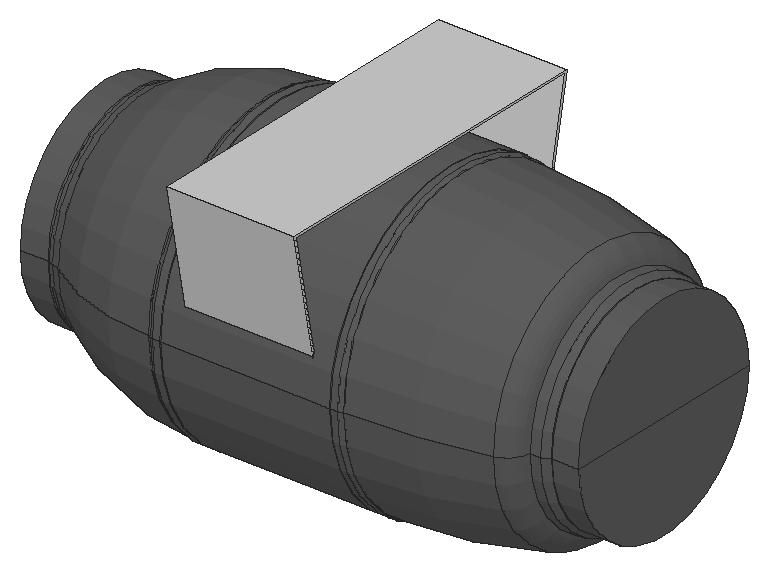
Revit family "90002105 - Aventa Silent AVS 250 - BIM file", category Mechanical Equipment, Revit 2023
Family settings
  Round Connector Dimension = Use Diameter
  Classification = None
  Part Type = Breaks Into
  OmniClass Number = 23.75.35.17.11
  OmniClass Title = Fans for Air Ductwork
  Work Plane-Based = No
  Always vertical = No
  Cut with Voids When Loaded = No
  Maintain Annotation Orientation = No
  Shared = No
  Room Calculation Point = No
Parameters (values of type "Aventa Silent AV250 Basic")
  Weight = 15.00 kg
  Voltage = 230 V
  URL = "https://www.airflow.com/"
  Type Comments = "Inline fan single speed up to 1110m3/h"
  Transported Air Temperature (°C) = "-25...+60"
  RPM (min-1) = 2440
  R1 = D1 / 2  # 179 mm
  Protection rating = "IPX4"
  Power Factor = 1
  Number of Poles = 1
  Noise Level at 3 m (dBa) = 34
  Mounting Hanger [instance] = yes
  Material finish = "Polymer Coated Steel"
  Maintenance Zone Length Calc = if(Maintenance Zone Length < L, L, Maintenance Zone Length)  # 658 mm
  L27 = 9 mm
  L26 = 6 mm
  L25 = L21 - L22 - L23 - L24 - L26 - L27  # 159 mm
  L24 = 23 mm
  L21 = 218 mm
  L17 = 9 mm
  L16 = 6 mm
  L15 = L11 - L12 - L13 - L14 - L16 - L17  # 144 mm
  L14 = 10 mm
  L11 = 176 mm
  HangerW = 150 mm
  HangerL1 = 332 mm
  HangerL = 402 mm
  HangerH = HangerBaseH  # 182 mm
  HangerExtraL = no
  HangerBaseH = 182 mm
  Model = "Aventa Silent AVS250 Basic"
  Manufacturer = "Airflow"
  Maintenance Zone Width = 600 mm
  Maintenance Zone Material = Maintenance Zone
  Maintenance Zone Length = 600 mm
  Maintenance Zone Height = 600 mm
  Maintenance Zone [instance] = no
  Load Classification = HVAC
  L23 = 13 mm
  L22 = 8 mm
  L2 = 32 mm
  L13 = 4 mm
  L12 = 3 mm
  L1 = 32 mm
  L = 658 mm
  Hanger Material = Metal Zinc
  Flow direction symbol [instance] = yes
  Flow Factor [instance] = 1  # constant formula
  Family Version = "1.0"  # constant formula
  ElBoxW = 104 mm
  ElBoxR = 15 mm  # constant formula
  ElBoxL = 104 mm
  ElBoxH = 53 mm
  Distribution Box Material = Distribution Box Dark Grey
  Dimensions = "(H) 360 x (W) 658 x (D) 445mm"
  Description = "Inline mixed-flow fan suitable for domestic and light commercial facilities"
  Default Elevation = 0 mm
  Dd26 = 52 mm
  Dd24 = 30 mm
  Dd22 = 5 mm
  Dd23 = 6 mm
  Dd16 = 52 mm
  Dd14 = 6 mm
  Dd13 = 2 mm
  Dd12 = 1 mm
  D1 = 358 mm
  D = 250 mm
  Copyright = "©Airflow"
  Duct Connection Size = 250 mm
  Fan Material = Metal Black
  Maximum Air Flow = 1110 m³/h
  Airflow part no = "90002105"
  Air Flow [instance] = 0 m³/h
  Power = 125 W
  Current = 0.54 A
  Apparent Power = Power / Power Factor  # 125 VA
Types (2, lengths in mm): name | Type Comments | Noise Level at 3 m (dBa) | Model | Maximum Air Flow | Airflow part no | Power | Current | Apparent Power
  Aventa Silent AVS250 Timer | "Inline fan single speed up to 1400m3/h" | 38 | "Aventa Silent AVS250 Timer" | 1400 m³/h | "90002122" | 177 W | 0.79 A | 177 VA
  Aventa Silent AV250 Basic | "Inline fan single speed up to 1110m3/h" | 34 | "Aventa Silent AVS250 Basic" | 1110 m³/h | "90002105" | 125 W | 0.54 A | 125 VA
Reference planes
  plane 1 "Center (Front/Back)": y = 0
  plane 2: z = 0
  plane 3 "Center (Left/Right)": x = 0
  plane 4: y = 125
  plane 5: y = -125
  plane 6: y = 179
  plane 7: y = -179
  plane 8: x = 658
  plane 9 "C": x = 408
  plane 10: x = 208
  plane 11 "CenterL": x = 329
  plane 12: x = 32
  plane 13: x = 199
  plane 14: y = 126
  plane 15 "CenterOfCentralPart": x = 308
  plane 16 "ElBoxHeight": z = -53
  plane 17 "HangerHeight": z = 182
  plane 18: y = 127
  plane 19: y = 131
  plane 20: x = 49
  plane 21: x = 39
  plane 22: x = 35
  plane 23: x = 193
  plane 24: y = 177
  plane 25: x = 194
  plane 26: x = 417
  plane 27: y = 130
  plane 28: y = 131
  plane 29: y = 155
  plane 30: x = 582
  plane 31: x = 605
  plane 32: x = 618
  plane 33: x = 423
  plane 34: y = 177
  plane 35: x = 422
  plane 36: x = 626
Forms (mm)
  Revolve 1, solid, material "Metal Black" <- "Fan Material", detail levels medium+fine
    sketch origin (368, 0, 0) x (1, 0, 0) y (0, 1, 0)
      loop
        line (-336, 0) -> (-160, 0) -> (-160, 179) -> (-169, 179) -> (-174, 177) -> (-175, 177)
        arc (-175, 177) -> (-250.584, 165.221) -> (-319, 131) r 248.391
        arc (-319, 131) -> (-324.007, 129.018) -> (-329, 127) r 761.878
        line (-329, 127) -> (-333, 126) -> (-336, 125) -> (-336, 0)
      axis (-160, 0) -> (-336, 0)
    angle from 0 to 360
  Revolve 2, solid, material "Metal Black" <- "Fan Material", detail levels medium+fine
    sketch origin (368, 0, 0) x (1, 0, 0) y (0, 1, 0)
      loop
        line (258, 125) -> (258, 0) -> (290, 0) -> (290, 125) -> (258, 125)
      axis (290, 0) -> (258, 0)
    angle from 0 to 360
  Revolve 3, solid, material "Metal Black" <- "Fan Material", detail levels medium+fine
    sketch origin (368, 0, 0) x (1, 0, 0) y (0, 1, 0)
      loop
        line (-368, 125) -> (-368, 0) -> (-336, 0) -> (-336, 125) -> (-368, 125)
      axis (-336, 0) -> (-368, 0)
    angle from 0 to 360
  Revolve 4, solid, material "Metal Black" <- "Fan Material", detail levels medium+fine
    sketch origin (0, 0, 0) x (1, 0, 0) y (0, 1, 0)
      loop
        line (208, 179) -> (208, 0) -> (408, 0) -> (408, 179) -> (208, 179)
      axis (208, 0) -> (408, 0)
    angle from 0 to 360
  Revolve 5, solid, material "Metal Black" <- "Fan Material", detail levels medium+fine
    sketch origin (117, 0, 0) x (-1, 0, 0) y (0, 1, 0)
      loop
        line (-509, 0) -> (-291, 0) -> (-291, 179) -> (-300, 179) -> (-305, 177) -> (-306, 177)
        arc (-306, 177) -> (-386.257, 171.474) -> (-465, 155) r 585.568
        arc (-465, 155) -> (-479.767, 146.131) -> (-488, 131) r 32.783
        line (-488, 131) -> (-501, 130) -> (-509, 125) -> (-509, 0)
      axis (-291, 0) -> (-509, 0)
    angle from 0 to 360
Cuts and joins
  joined: Revolve 1, Revolve 3
Dimensions and locks
  equal spacing: plane 4, plane 1 "Center (Front/Back)", plane 5
  "D": plane 4 to plane 5
  equal spacing: plane 7, plane 1 "Center (Front/Back)", plane 6
  "D1": plane 6 to plane 7
  "L": plane 3 "Center (Left/Right)" to plane 8
  equal spacing: plane 3 "Center (Left/Right)", plane 11 "CenterL", plane 8
  "L1": plane 3 "Center (Left/Right)" to plane 12
  "Dd12": plane 14 to plane 4
  equal spacing: plane 10, plane 15 "CenterOfCentralPart", plane 9 "C"
  "ElBoxH": level to plane 16 "ElBoxHeight"
  "HangerBaseH": plane 17 "HangerHeight" to level
  "Dd13": plane 18 to plane 4
  "Dd14": plane 19 to plane 4
  "L11": plane 12 to plane 10
  "L12": plane 12 to plane 22
  "L13": plane 22 to plane 21
  "L14": plane 21 to plane 20
  "L17": plane 13 to plane 10
  "L16": plane 23 to plane 13
  "Dd16": plane 24 to plane 4
  locked: plane 23 to plane 25 at 1
  "L23": plane 32 to plane 31
  "L24": plane 31 to plane 30
  "L26": plane 33 to plane 26
  locked: plane 33 to plane 35 at 1
  "L2": plane 36 to plane 8
  "L21": plane 9 "C" to plane 36
  "L22": plane 32 to plane 36
  "L27": plane 9 "C" to plane 26
  "Dd22": plane 27 to plane 4
  "Dd23": plane 28 to plane 4
  "Dd24": plane 29 to plane 4
  "Dd26": plane 34 to plane 4
  locked: plane 15 "CenterOfCentralPart" to nested 6
  aligned and locked: level to plane 2
  aligned and locked: Revolve 2 sketch curve to plane 4
  aligned and locked: Revolve 2 sketch curve to plane 8
  aligned and locked: Revolve 2 sketch curve to plane 1 "Center (Front/Back)"
  aligned and locked: Revolve 3 sketch curve to plane 4
  aligned and locked: Revolve 3 sketch curve to plane 1 "Center (Front/Back)"
  aligned and locked: plane 3 "Center (Left/Right)" to Revolve 3 sketch curve
  aligned and locked: plane 1 "Center (Front/Back)" to nested 1
  aligned and locked: nested 2 to level
  aligned and locked: plane 1 "Center (Front/Back)" to nested 3
  aligned and locked: nested 3 to plane 3 "Center (Left/Right)"
  aligned and locked: plane 1 "Center (Front/Back)" to nested 4
  aligned and locked: Revolve 4 sketch curve to plane 6
  aligned and locked: Revolve 4 sketch curve to nested 4
  aligned and locked: Revolve 4 sketch curve to Revolve 4 sketch curve  (x2)
  aligned and locked: plane 11 "CenterL" to nested 4
  aligned and locked: Revolve 4 sketch curve to plane 9 "C"
  aligned and locked: plane 15 "CenterOfCentralPart" to nested 1
  aligned and locked: plane 15 "CenterOfCentralPart" to nested 2
  aligned and locked: nested 5 to plane 1 "Center (Front/Back)"
  aligned and locked: plane 15 "CenterOfCentralPart" to nested 5
  aligned and locked: Revolve 1 sketch curve to plane 1 "Center (Front/Back)"
  aligned and locked: plane 4 to Revolve 1 sketch curve
  aligned and locked: plane 1 "Center (Front/Back)" to Revolve 1 sketch curve
  aligned and locked: Revolve 1 sketch curve to plane 6
  aligned and locked: plane 25 to Revolve 1 sketch curve
  aligned and locked: plane 24 to Revolve 1 sketch curve
  aligned and locked: Revolve 5 sketch curve to plane 35
  aligned and locked: Revolve 5 sketch curve to plane 34
  aligned and locked: Revolve 2 to plane 36
Automatic sketch dimensions
  plane 1 "Center (Front/Back)" to Revolve 2 sketch curve = 0 mm
  Revolve 2 sketch curve to plane 8 = 32 mm
  Revolve 2 sketch curve to plane 3 "Center (Left/Right)" = 1632 mm
  Revolve 2 sketch curve to Revolve 2 sketch curve = 2138 mm
  plane 1 "Center (Front/Back)" to Revolve 3 sketch curve = 0 mm
  Revolve 3 sketch curve to plane 12 = 0 mm
  Revolve 3 sketch curve to plane 3 "Center (Left/Right)" = 1646 mm
  plane 8 to Revolve 3 sketch curve = 2149 mm
  Revolve 4 sketch curve to plane 10 = 0 mm
  Revolve 4 sketch curve to plane 11 "CenterL" = 0 mm
  Revolve 1 sketch curve to plane 12 = 0 mm
  Revolve 1 sketch curve to plane 14 = 0 mm
  Revolve 1 sketch curve to plane 22 = 0 mm
  Revolve 1 sketch curve to plane 18 = 0 mm
  Revolve 1 sketch curve to plane 21 = 0 mm
  Revolve 1 sketch curve to plane 19 = 0 mm
  Revolve 1 sketch curve to plane 20 = 0 mm
  Revolve 1 sketch curve to plane 23 = 0 mm
  Revolve 1 sketch curve to plane 13 = 0 mm
  Revolve 1 sketch curve to plane 10 = 0 mm
  Revolve 1 sketch curve to plane 11 "CenterL" = 2.053 mm
  Revolve 1 sketch curve to plane 3 "Center (Left/Right)" = 2000 mm
  plane 8 to Revolve 1 sketch curve = 1495 mm
  plane 1 "Center (Front/Back)" to Revolve 5 sketch curve = 0 mm  (x2)
  Revolve 5 sketch curve to plane 36 = 0 mm
  Revolve 5 sketch curve to plane 27 = 0 mm
  Revolve 5 sketch curve to plane 32 = 0 mm
  Revolve 5 sketch curve to plane 28 = 0 mm
  Revolve 5 sketch curve to plane 31 = 0 mm
  Revolve 5 sketch curve to plane 29 = 0 mm  (x2)
  Revolve 5 sketch curve to plane 30 = 0 mm
  Revolve 5 sketch curve to plane 33 = 0 mm
  Revolve 5 sketch curve to plane 6 = 0 mm
  Revolve 5 sketch curve to plane 26 = 0 mm
  Revolve 5 sketch curve to plane 9 "C" = 0 mm
  Revolve 5 sketch curve to plane 4 = 0 mm
  Revolve 5 sketch curve to plane 8 = 1980 mm
  plane 3 "Center (Left/Right)" to Revolve 5 sketch curve = 1515 mm
Nested families
  nested 1: "GraphicalSymbol_Fun_FlowDirection" at (308, 0, 0), visible <- "Flow direction symbol", type "GraphicalSymbol_Fun_FlowDirection", detail levels medium+fine
    with Length 50 mm, Height 50 mm, B 25 mm, A 16.667 mm
  nested 2: "GraphicalSymbol_Fun_FlowDirection" at (308, 0, 0) x (1, 0, 0) z (0, -1, 0), type "GraphicalSymbol_Fun_FlowDirection"
    with Length 50 mm, Height 50 mm, B 25 mm, A 16.667 mm
  nested 3: "GraphicalSymbol_Fan_1" at (329, 0, 0), type "GraphicalSymbol_Fan_1", detail levels coarse
    with Diameter 658 mm, A 164.5 mm
  nested 4: "MaintenanceZone_Rect" at (329, 0, 0), visible <- "Maintenance Zone", type "MaintenanceZone_Rect", detail levels medium+fine
    with Maintenance Zone Width 600 mm, Maintenance Zone Length 658 mm, Maintenance Zone Height 600 mm
  nested 5: "MountingHanger" at (308, 0, 182) x (0, 1, 0) z (0, 0, -1), visible <- "Mounting Hanger", type "MountingHanger", detail levels medium+fine
    with Width1 120 mm, Width 150 mm, Length2 442 mm, Length 402 mm, Lenght1Calc 332 mm, Length1 332 mm, Height 182 mm
  nested 6: "DistributionBox" at (308, -190.232, 129.084) x (1, 0, 0) z (0, -0.9799, -0.1994), type "DistributionBox", not visible, detail levels medium+fine
    with Hcon 26.5 mm, H1 53 mm, ConD 20 mm, ConB 26 mm, ConA 26 mm, B 104 mm, A 104 mm
Connectors
  hvac at (0, 0, 0), driven by "Duct Connection Size", driven by "Air Flow"
    settings: on cut or joined group of Revolve 1, Revolve 3, index 4, duct flow 0 m³/h, flow factor 0, pres drop 0.0 Pa, loss coef 0, conn angle 0.00°, conn width 304.8 mm, conn height 304.8 mm, conn diameter 250 mm, duct sys type 29, conn prof type 0, flow config 0, flow direction 0, loss method 0, conn ref index 5, conn util no, is conn primary yes, conn desc ""
  hvac at (658, 0, 0), driven by "Duct Connection Size"
    settings: on Revolve 2, index 5, duct flow 0 m³/h, flow factor 0, pres drop 0.0 Pa, loss coef 0, conn angle 0.00°, conn width 304.8 mm, conn height 304.8 mm, conn diameter 250 mm, duct sys type 28, conn prof type 0, flow config 0, flow direction 0, loss method 0, conn ref index 4, conn util no, is conn primary no, conn desc ""
  electrical at (308, -226.569, 174.756), driven by "Number of Poles", driven by "Load Classification", driven by "Voltage", driven by "Apparent Power", driven by "Power Factor"
    settings: on nested 6, index 7, voltage 230 V, apparent load 125 VA, apparent load phase1 0 VA, apparent load phase2 0 VA, apparent load phase3 0 VA, power factor 1, load classification "HVAC", number of poles 1, system type 30, power factor state 1, is connector primary yes, connector utility no, sub classification motor no, connector description ""
Definition of nested family "MaintenanceZone_Rect"
  Parameters (values of type "MaintenanceZone_Rect")
    Maintenance Zone Width = 500 mm
    Material = none
    Maintenance Zone Length = 1000 mm
    Maintenance Zone Height = 300 mm
    Family Version = ""
    Default Elevation = 1219.2 mm
    Copyright = ""
  Reference planes
    plane 1 "Center (Front/Back)": y = 0
    plane 2: z = 0
    plane 3 "Center (Left/Right)": x = 0
    plane 4: x = -500
    plane 5: x = 500
    plane 6: y = 250
    plane 7: y = -250
    plane 8: z = -300
  Forms (mm)
    Extrusion 1, solid, material <- "Material", detail levels medium+fine
      sketch origin (0, 0, 0) x (1, 0, 0) y (0, 1, 0)
        loop
          line (-500, 250) -> (-500, -250) -> (500, -250) -> (500, 250) -> (-500, 250)
      from 0 to -300
  Lines and regions (mm)
    symbolic lines, detail levels medium+fine
      curve 1: line (-500, 0, 0) -> (500, 0, 0)
      curve 2: line (-500, 0, -300) -> (-500, 0, 0)
      curve 3: line (500, 0, -300) -> (-500, 0, -300)
      curve 4: line (500, 0, 0) -> (500, 0, -300)
      curve 5: line (0, 250, 0) -> (0, -250, 0)
      curve 6: line (0, 250, -300) -> (0, 250, 0)
      curve 7: line (0, -250, -300) -> (0, 250, -300)
      curve 8: line (0, -250, 0) -> (0, -250, -300)
      curve 9: line (-500, 250, 0) -> (500, 250, 0)
      curve 10: line (-500, -250, 0) -> (-500, 250, 0)
      curve 11: line (500, -250, 0) -> (-500, -250, 0)
      curve 12: line (500, 250, 0) -> (500, -250, 0)
  Dimensions and locks
    equal spacing: plane 6, plane 1 "Center (Front/Back)", plane 7
    equal spacing: plane 4, plane 3 "Center (Left/Right)", plane 5
    "Maintenance Zone Width": plane 6 to plane 7
    "Maintenance Zone Length": plane 4 to plane 5
    "Maintenance Zone Height": plane 2 to plane 8
    aligned and locked: level to plane 2
    aligned and locked: Extrusion 1 sketch curve to plane 6
    aligned and locked: plane 4 to Extrusion 1 sketch curve
    aligned and locked: plane 7 to Extrusion 1 sketch curve
    aligned and locked: Extrusion 1 sketch curve to plane 5
    aligned and locked: Extrusion 1 to plane 8
    aligned and locked: curve 1 to Extrusion 1
    aligned and locked: curve 2 to Extrusion 1
    aligned and locked: curve 3 to Extrusion 1
    aligned and locked: curve 4 to Extrusion 1
    aligned and locked: curve 5 to Extrusion 1
    aligned and locked: curve 6 to Extrusion 1
    aligned and locked: curve 7 to Extrusion 1
    aligned and locked: curve 8 to Extrusion 1
    aligned and locked: curve 9 to Extrusion 1
    aligned and locked: curve 10 to Extrusion 1
    aligned and locked: curve 11 to Extrusion 1
    aligned and locked: curve 12 to Extrusion 1
Definition of nested family "MountingHanger"
  Parameters (values of type "MountingHanger")
    Width1 = Width * 0.8  # 160 mm
    Width = 200 mm
    Thikness = 2 mm
    Material = none
    Length2 = Length + 20 mm * 2  # 518 mm
    Length = 478 mm
    Lenght1Calc = if(Length1 = Length, Length - 0.5 mm, Length1)  # 396 mm
    Length1 = 396 mm
    Height1 = 10 mm
    Height = 219 mm
    ExtraLength = no
    Default Elevation = 1219.2 mm
  Reference planes
    plane 1 "Center (Front/Back)": y = 0
    plane 2: z = 0
    plane 3 "Center (Left/Right)": x = 0
    plane 4: x = -239
    plane 5: x = 239
    plane 6: y = 100
    plane 7: y = -100
    plane 8: z = 219
    plane 9: x = -198
    plane 10: x = 198
    plane 11: z = 209
    plane 12: y = 80
    plane 13: y = -80
    plane 14: x = -259
    plane 15: x = 259
    plane 16: x = -239
    plane 17: x = 239
  Forms (mm)
    Extrusion 1, solid, material <- "Material"
      sketch origin (0, 0, 0) x (1, 0, 0) y (0, 0, 1)
        loop
          line (-198, 209) -> (-239, 0) -> (239, 0) -> (198, 209) -> (198, 219) -> (196, 219) -> (196, 208.806) -> (236.57, 2) -> (-236.57, 2) -> (-196, 208.806) -> (-196, 219) -> (-198, 219) -> (-198, 209)
      from -100 to 100
    Extrusion 2, solid, material <- "Material", visible <- "ExtraLength"
      sketch origin (0, 0, 0) x (1, 0, 0) y (0, 1, 0)
        loop
          line (-259, 80) -> (-259, -80) -> (-239, -80) -> (-239, 80) -> (-259, 80)
        loop
          line (239, 80) -> (239, -80) -> (259, -80) -> (259, 80) -> (239, 80)
      from 0 to 2
  Dimensions and locks
    equal spacing: plane 4, plane 3 "Center (Left/Right)", plane 5
    "Length": plane 4 to plane 5
    plane 8 to level = 219 mm
    equal spacing: plane 6, plane 1 "Center (Front/Back)", plane 7
    "Width": plane 6 to plane 7
    "Height": plane 8 to level
    "Thikness": Extrusion 1 sketch curve to level
    "Thikness": Extrusion 1 sketch curve to Extrusion 1 sketch curve  (x2)
    "Thikness": Extrusion 1 sketch curve to plane 9
    "Thikness": plane 10 to Extrusion 1 sketch curve
    equal spacing: plane 9, plane 3 "Center (Left/Right)", plane 10
    "Lenght1Calc": plane 9 to plane 10
    "Height1": plane 8 to plane 11
    equal spacing: plane 12, plane 1 "Center (Front/Back)", plane 13
    "Width1": plane 12 to plane 13
    equal spacing: plane 14, plane 3 "Center (Left/Right)", plane 15
    "Length2": plane 14 to plane 15
    "Thikness": Extrusion 2 to level
    equal spacing: plane 16, plane 3 "Center (Left/Right)", plane 17
    "Length": plane 16 to plane 17
    aligned and locked: level to plane 2
    aligned and locked: plane 6 to Extrusion 1
    aligned and locked: Extrusion 1 to plane 7
    aligned and locked: plane 9 to Extrusion 1 sketch curve
    aligned and locked: plane 10 to Extrusion 1 sketch curve
    aligned and locked: Extrusion 2 sketch curve to plane 12  (x2)
    aligned and locked: plane 14 to Extrusion 2 sketch curve
    aligned and locked: plane 13 to Extrusion 2 sketch curve  (x2)
    aligned and locked: Extrusion 2 sketch curve to plane 16
    aligned and locked: plane 17 to Extrusion 2 sketch curve
    aligned and locked: Extrusion 2 sketch curve to plane 15
  Automatic sketch dimensions
    Extrusion 1 sketch curve to level = 0 mm
    Extrusion 1 sketch curve to plane 4 = 0 mm
    Extrusion 1 sketch curve to plane 5 = 0 mm
    Extrusion 1 sketch curve to plane 11 = 0 mm  (x2)
    Extrusion 1 sketch curve to plane 8 = 0 mm  (x2)
Definition of nested family "DistributionBox"
  Parameters (values of type "DistributionBox")
    Hcover = 10 mm
    Hcon = H1 / 2  # 12.5 mm
    H1 = 25 mm
    Distribution Box Material = none
    Default Elevation = 1219.2 mm
    ConD = 12 mm
    ConB = B / 4  # 12.5 mm
    ConA = A / 4  # 12.5 mm
    B = A  # 50 mm
    A = 50 mm
  Reference planes
    plane 1 "Center (Front/Back)": y = 0
    plane 2: z = 0
    plane 3 "Center (Left/Right)": x = 0
    plane 4: x = -25
    plane 5: x = 25
    plane 6 "Back": y = 25
    plane 7 "Front": y = -25
    plane 8: z = 25
    plane 9: z = 35
    plane 10: x = -12.5
    plane 11: x = 12.5
    plane 12: y = 12.5
    plane 13: y = -12.5
    plane 14: z = 12.5
  Forms (mm)
    Extrusion 1, solid, material <- "Distribution Box Material"
      sketch origin (0, 0, 0) x (1, 0, 0) y (0, 1, 0)
        loop
          arc (-22, 25) -> (-24.121, 24.121) -> (-25, 22) r 3
          line (-25, 22) -> (-25, -22)
          arc (-25, -22) -> (-24.121, -24.121) -> (-22, -25) r 3
          line (-22, -25) -> (22, -25)
          arc (22, -25) -> (24.121, -24.121) -> (25, -22) r 3
          line (25, -22) -> (25, 22)
          arc (25, 22) -> (24.121, 24.121) -> (22, 25) r 3
          line (22, 25) -> (-22, 25)
      from 0 to 25
    Extrusion 2, solid, material <- "Distribution Box Material"
      sketch origin (0, 0, 0) x (1, 0, 0) y (0, 1, 0)
        loop
          arc (-22, 25) -> (-24.121, 24.121) -> (-25, 22) r 3
          line (-25, 22) -> (-25, -22)
          arc (-25, -22) -> (-24.121, -24.121) -> (-22, -25) r 3
          line (-22, -25) -> (22, -25)
          arc (22, -25) -> (24.121, -24.121) -> (25, -22) r 3
          line (25, -22) -> (25, 22)
          arc (25, 22) -> (24.121, 24.121) -> (22, 25) r 3
          line (22, 25) -> (-22, 25)
      from 25 to 35
    Extrusion 3, void
      sketch origin (-568.953, -25, 1200) x (1, 0, 0) y (0, 0, 1)
        loop
          circle (556.453, -1187.5) r 6
        loop
          circle (581.453, -1187.5) r 6
      from -2.025 to 0
    Extrusion 4, void
      sketch origin (0, 25, 0) x (-1, 0, 0) y (0, 0, 1)
        loop
          circle (-12.5, 12.5) r 6
        loop
          circle (12.5, 12.5) r 6
      from 0 to -2
  Cuts and joins
    Extrusion 3, Extrusion 4 cuts Extrusion 1
    Extrusion 3 cuts Extrusion 2
  Dimensions and locks
    equal spacing: plane 6 "Back", plane 1 "Center (Front/Back)", plane 7 "Front"
    equal spacing: plane 4, plane 3 "Center (Left/Right)", plane 5
    "A": plane 6 "Back" to plane 7 "Front"
    "B": plane 4 to plane 5
    "H1": level to plane 8
    "Hcover": plane 8 to plane 9
    "ConA": plane 1 "Center (Front/Back)" to plane 12
    "ConA": plane 13 to plane 1 "Center (Front/Back)"
    "ConB": plane 10 to plane 3 "Center (Left/Right)"
    "ConB": plane 3 "Center (Left/Right)" to plane 11
    "Hcon": plane 14 to level
    "ConD": diameter of Extrusion 3 sketch curve  (x2)
    "ConD": diameter of Extrusion 4 sketch curve  (x2)
    aligned and locked: level to plane 2
    aligned and locked: Extrusion 1 sketch curve to plane 6 "Back"
    aligned and locked: plane 4 to Extrusion 1 sketch curve
    aligned and locked: plane 7 "Front" to Extrusion 1 sketch curve
    aligned and locked: Extrusion 1 sketch curve to plane 5
    aligned and locked: plane 8 to Extrusion 1
    aligned and locked: plane 4 to Extrusion 2 sketch curve
    aligned and locked: Extrusion 2 sketch curve to plane 5
    aligned and locked: Extrusion 2 sketch curve to plane 6 "Back"
    aligned and locked: plane 7 "Front" to Extrusion 2 sketch curve
    aligned and locked: Extrusion 2 to plane 8
    aligned and locked: plane 9 to Extrusion 2
  Automatic sketch dimensions
    Extrusion 1 sketch curve to Extrusion 1 sketch curve = 3 mm  (x2)
    Extrusion 1 sketch curve to plane 5 = 3 mm  (x2)
    plane 4 to Extrusion 2 sketch curve = 3 mm
    Extrusion 2 sketch curve to Extrusion 2 sketch curve = 3 mm
    Extrusion 2 sketch curve to plane 5 = 3 mm  (x2)
    Extrusion 3 sketch curve to plane 10 = 0 mm
    Extrusion 3 sketch curve to plane 11 = 0 mm
    Extrusion 3 sketch curve to plane 14 = 0 mm  (x2)
    Extrusion 4 sketch curve to plane 11 = 0 mm
    Extrusion 4 sketch curve to plane 10 = 0 mm
    Extrusion 4 sketch curve to plane 14 = 0 mm  (x2)
Definition of nested family "GraphicalSymbol_Fun_FlowDirection"
  Parameters (values of type "GraphicalSymbol_Fun_FlowDirection")
    Length = 100 mm
    Height = Length  # 100 mm
    B = Length / 2  # 50 mm
    A = Length / 3  # 33.333 mm
  Reference planes
    plane 1 "Center (Front/Back)": y = 0
    plane 2: z = 0
    plane 3 "Center (Left/Right)": x = 0
    plane 4: x = -33.333
    plane 5: x = 50
    plane 6: y = 50
    plane 7: y = -50
  Lines and regions (mm)
    detail lines, in view "Ref. Level"
      curve 1: line (-33.333, 50, 0) -> (-33.333, -50, 0)
      curve 2: line (50, 0, 0) -> (-33.333, -50, 0)
      curve 3: line (50, 0, 0) -> (-33.333, 50, 0)
  Dimensions and locks
    "A": plane 4 to plane 3 "Center (Left/Right)"
    "B": plane 3 "Center (Left/Right)" to plane 5
    equal spacing: plane 6, plane 1 "Center (Front/Back)", plane 7
    "Height": plane 6 to plane 7
    aligned and locked: curve 1 to plane 4
  Automatic sketch dimensions
    plane 1 "Center (Front/Back)" to curve 3 = 0 mm
    curve 3 to plane 5 = 0 mm
    curve 2 to plane 7 = 0 mm
    curve 3 to plane 6 = 0 mm
Definition of nested family "GraphicalSymbol_Fan_1"
  Parameters (values of type "GraphicalSymbol_Fan_1")
    Diameter = 100 mm
    Default Elevation = 1219.2 mm
    A = Diameter / 4  # 25 mm
  Reference planes
    plane 1 "Center (Front/Back)": y = 0
    plane 2: z = 0
    plane 3 "Center (Left/Right)": x = 0
    plane 4: x = -25
  Lines and regions (mm)
    model lines
      curve 1: circle (0, 0, 0) r 50 normal (0, 0, 1)
      curve 4: line (-25, 43.301, 0) -> (-25, -43.301, 0)
      curve 5: line (-25, 43.301, 0) -> (50, 0, 0)
      curve 6: line (-25, -43.301, 0) -> (50, 0, 0)
    reference lines
      curve 2: line (50, 141.389, 0) -> (50, -158.611, 0)
      curve 3: line (-50, 141.389, 0) -> (-50, -158.611, 0)
  Dimensions and locks
    equal spacing: curve 3, plane 3 "Center (Left/Right)", curve 2
    "Diameter": curve 3 to curve 2
    "A": plane 4 to plane 3 "Center (Left/Right)"
    "Diameter": diameter of curve 1
    aligned and locked: level to plane 2
  Automatic sketch dimensions
    curve 4 to plane 4 = 0 mm
    plane 1 "Center (Front/Back)" to curve 1 = 0 mm
    curve 1 to plane 3 "Center (Left/Right)" = 0 mm
    plane 1 "Center (Front/Back)" to curve 6 = 0 mm
    plane 1 "Center (Front/Back)" to curve 2 = 158.611 mm
    curve 3 to curve 2 = 0 mm  (x2)
    curve 3 to plane 1 "Center (Front/Back)" = 141.389 mm
